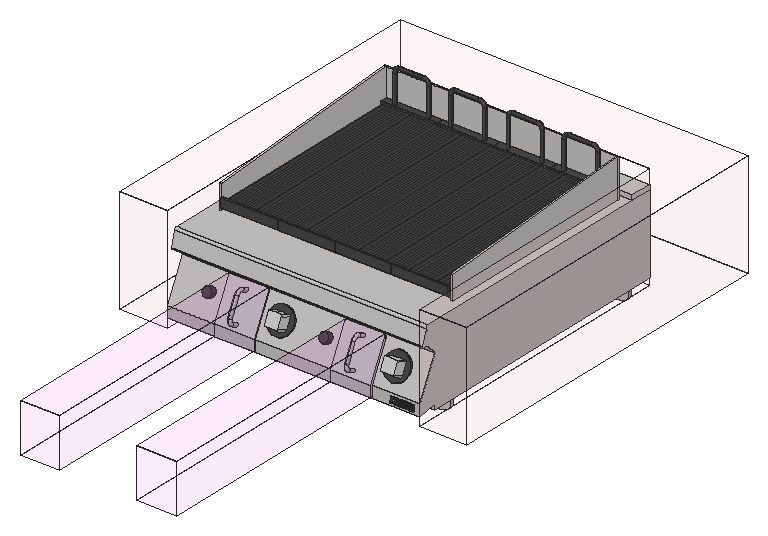
Revit family "QF_ZANUSSI_392187_Z9GRTHGC0P", category Attrezzature speciali, Revit 2020
Family settings
  Quota connettore circolare = Usa diametro
  Tipo di parte = Normale
  Basato su piano di lavoro = No
  Sempre verticale = Sì
  Taglio con vuoti quando caricato = No
  Condiviso = No
  Punto di calcolo locali = No
Parameters (values of type "Standard")
  Weight = 96.00 kg
  Watts = 0 W
  Volts = 0 V
  URL Manufacturer = "http://www.zanussiprofessional.com"
  URL = "http://www.zanussiprofessional.com"
  Steam Supply Size = 0 mm
  Steam Supply Minimum Pressure = 0.0 Pa
  Steam Supply Maximum Pressure = 0.0 Pa
  Steam Consumption per Hour = 0
  Show Logo [instance] = yes
  Show Clearance [instance] = yes
  Refrigeration Suction Line Size = 0 mm
  Refrigeration Liquid Line Size = 0 mm
  Refrigerant Compressor Remote = yes
  Prospetto di default = 0 mm
  Produttore = "Zanussi"
  Phase = 0
  Modello = "Z9GRTHGC0P"
  Length Actual = 800 mm  # constant formula
  Item Number = "392187"
  Hot Water Size = 0 mm
  Height Actual = 250 mm  # constant formula
  HP = "0 HP"
  Gas Size = 12.7 mm
  Gas KW = 20
  Gas Input Pressure = 0.092903 W
  Direct Waste Size = 0 mm
  Descrizione = "GAS GRILL TOP HP 800 MM TOWN GAS"
  Depth Actual = 900 mm  # constant formula
  Cycle = 0 Hz
  Condensate Return Size = 0 mm
  Compressed Air Volume = 0.0 L/s
  Compressed Air Size = 0 mm
  Compressed Air Pressure = 0.0 Pa
  Cold Water Size = 0 mm
  Accessory = yes
Reference planes
  plane 1 "Back": y = 0
  plane 2: z = 0
  plane 3 "Left": x = 0
  plane 4: x = 800
  plane 5: z = 275
  plane 6: x = 952
  plane 7: x = -152
  plane 8: y = 203
  plane 9: x = 400
  plane 10: y = -915
  plane 11: y = -82
  plane 12: y = -790
Forms (mm)
  Extrusion 1, solid, material "QF_Finishes_Clearance", visible <- "Show Clearance"
    sketch origin (0, 0, 0) x (1, 0, 0) y (0, 1, 0)
      loop
        line (-152, -915) -> (0, -915) -> (0, 0) -> (800, 0) -> (800, -915) -> (952, -915) -> (952, 203) -> (-152, 203) -> (-152, -915)
    from 0 to 335
  Extrusion 2, solid, material "QF_Finishes_Stainless Steel"
    sketch origin (0, 0, 1) x (0, 1, 0) y (0, 0, 1)
      loop
        line (0, 23) -> (0, 274) -> (-879.358, 274)
        arc (-879.358, 274) -> (-884.643, 271.811) -> (-886.833, 266.526) r 7.474
        line (-886.833, 266.526) -> (-899.884, 221.011)
        arc (-899.884, 221.011) -> (-899.396, 218.379) -> (-897, 217.184) r 3
        line (-897, 217.184) -> (-886.802, 217.184) -> (-854.982, 185.364) -> (-915, 64.508) -> (-915, 29.508) -> (-858.645, 37.428)
        arc (-858.645, 37.428) -> (-856.101, 36.674) -> (-855, 34.259) r 3.2
        line (-855, 34.259) -> (-855, 23) -> (0, 23)
    from 0 to 800
  Extrusion 3, solid, material "QF_Finishes_Stainless Steel"
    sketch origin (35.025, -89.885, 397) x (0, -1, 0) y (0, 0, -1)
      loop
        line (1, -0.1) -> (656.049, 47.036) -> (656.049, 122) -> (1, 122) -> (1, -0.1)
    from 0 to -6.35
  Extrusion 4, solid, material "QF_Finishes_Stainless Steel"
    sketch origin (765.075, -89.885, 397) x (0, -1, 0) y (0, 0, 1)
      loop
        line (1, 0.1) -> (1, -122) -> (656.049, -122) -> (656.049, -47.036) -> (1, 0.1)
    from 0 to -6.35
  Extrusion 5, solid, material "QF_Finishes_Stainless Steel"
    sketch origin (35.025, -90.885, 275) x (0, 0, 1) y (1, 0, 0)
      loop
        line (0, -6.35) -> (122.1, -6.35) -> (122.1, 736.4) -> (0, 736.4) -> (0, -6.35)
    from 0 to 3.2
  Extrusion 6, solid, material "QF_Finishes_Stainless Steel"
    sketch origin (-452, 0, 275) x (0, -1, 0) y (1, 0, 0)
      loop
        line (0, 1252) -> (0, 452) -> (69.85, 452) -> (69.85, 1252) -> (0, 1252)
    from 0 to 14.3
  Extrusion 7, solid, material "QF_Finishes_Door Clearance", visible <- "Show Clearance"
    sketch origin (0, -316.257, 0) x (1, 0, 0) y (0, 0, 1)
      loop
        line (150.793, 187.751) -> (150.793, 31.416) -> (277.793, 31.416) -> (277.793, 187.751) -> (150.793, 187.751)
    from 543.743 to 1373.743
  Extrusion 8, solid, material "QF_Finishes_Door Clearance", visible <- "Show Clearance"
    sketch origin (799.575, -205, 0) x (-1, 0, 0) y (0, 0, -1)
      loop
        line (150.793, -187.751) -> (277.793, -187.751) -> (277.793, -31.416) -> (150.793, -31.416) -> (150.793, -187.751)
    from 655 to 1485
  Extrusion 9, solid, material "QF_Finishes_Stainless Steel"
    sketch origin (-404.042, 7.722, 542) x (-1, 0, 0) y (0, 0, -1)
      loop
        circle (-1152.042, 464) r 6.35
    from -1.278 to 7.722
  Extrusion 10, solid, material "QF_Finishes_Stainless Steel"
    sketch origin (-404.042, -199, 16.278) x (-1, 0, 0) y (0, -1, 0)
      loop
        circle (-1152.042, 464) r 6.35
    from -1.278 to 7.722
Dimensions and locks
  plane 3 "Left" to plane 4 = 800 mm
  plane 5 to level = 275 mm
  plane 1 "Back" to plane 8 = 203 mm
  plane 4 to plane 6 = 152 mm
  plane 7 to plane 3 "Left" = 152 mm
  equal spacing: plane 3 "Left", plane 9, plane 4
  Extrusion 1 to Extrusion 2 sketch curve = 915 mm
  plane 1 "Back" to Extrusion 7 = 1690 mm
  plane 1 "Back" to plane 10 = 915 mm
  plane 1 "Back" to plane 11 to plane 12 to plane 10 = 82 mm, 708 mm, 125 mm
  aligned and locked: level to plane 2
Automatic sketch dimensions
  Extrusion 1 sketch curve to plane 7 = 0 mm
  Extrusion 1 sketch curve to plane 3 "Left" = 0 mm
  plane 1 "Back" to Extrusion 1 sketch curve = 0 mm
  Extrusion 1 sketch curve to plane 4 = 0 mm
  Extrusion 1 sketch curve to plane 6 = 0 mm
  Extrusion 1 sketch curve to plane 8 = 0 mm
  plane 5 to Extrusion 3 sketch curve = 0 mm
  Extrusion 3 sketch curve to plane 5 = 74.964 mm
  Extrusion 3 sketch curve to plane 5 = 122.1 mm
  plane 5 to Extrusion 4 sketch curve = 0 mm
  Extrusion 4 sketch curve to plane 5 = 74.964 mm
  Extrusion 4 sketch curve to plane 5 = 122.1 mm
  Extrusion 5 sketch curve to Extrusion 3 = 0 mm  (x3)
  Extrusion 5 sketch curve to Extrusion 3 = 736.4 mm
  plane 1 "Back" to Extrusion 6 sketch curve = 0 mm
  Extrusion 6 sketch curve to plane 3 "Left" = 0 mm
  Extrusion 6 sketch curve to plane 4 = 0 mm
  plane 1 "Back" to Extrusion 6 sketch curve = 69.85 mm
  level to Extrusion 7 sketch curve = 31.416 mm
  plane 5 to Extrusion 7 sketch curve = 87.249 mm
  Extrusion 8 sketch curve to level = 31.416 mm
  Extrusion 8 sketch curve to plane 4 = 151.218 mm
  Extrusion 8 sketch curve to Extrusion 8 sketch curve = 127 mm
  Extrusion 8 sketch curve to plane 5 = 87.249 mm
  plane 4 to Extrusion 9 sketch curve = 52 mm
  level to Extrusion 9 sketch curve = 78 mm
  plane 3 "Left" to Extrusion 7 sketch curve = 150.793 mm
  Extrusion 7 sketch curve to Extrusion 7 sketch curve = 127 mm
  plane 1 "Back" to Extrusion 1 sketch curve = 915 mm  (x2)
  plane 1 "Back" to Extrusion 3 sketch curve = 90.885 mm
  Extrusion 3 sketch curve to Extrusion 3 sketch curve = 655.049 mm
  plane 1 "Back" to Extrusion 4 sketch curve = 90.885 mm
  Extrusion 4 sketch curve to Extrusion 4 sketch curve = 655.049 mm
  plane 5 to Extrusion 2 sketch curve = 0 mm
  Extrusion 2 sketch curve to plane 1 "Back" = 0 mm
  plane 5 to Extrusion 2 sketch curve = 88.636 mm
  level to Extrusion 2 sketch curve = 24 mm
  Extrusion 2 sketch curve to Extrusion 2 sketch curve = 0.018 mm
  Extrusion 2 sketch curve to Extrusion 2 sketch curve = 3.2 mm
  level to Extrusion 2 sketch curve = 38.428 mm
  Extrusion 2 sketch curve to Extrusion 2 sketch curve = 0.445 mm
  Extrusion 2 sketch curve to Extrusion 2 sketch curve = 24.376 mm
  plane 5 to Extrusion 2 sketch curve = 56.816 mm
  Extrusion 2 sketch curve to Extrusion 2 sketch curve = 31.82 mm
  plane 5 to Extrusion 2 sketch curve = 7.474 mm
  Extrusion 2 sketch curve to Extrusion 2 sketch curve = 10.198 mm
  plane 5 to Extrusion 2 sketch curve = 52.989 mm
  Extrusion 2 sketch curve to Extrusion 2 sketch curve = 2.884 mm
  Extrusion 2 sketch curve to Extrusion 2 sketch curve = 56.355 mm
  level to Extrusion 2 sketch curve = 30.508 mm
  Extrusion 2 sketch curve to Extrusion 2 sketch curve = 35 mm
  plane 4 to Extrusion 10 sketch curve = 52 mm
  plane 10 to Extrusion 10 sketch curve = 252 mm
  radius of Extrusion 9 sketch curve = 6.35 mm
  radius of Extrusion 10 sketch curve = 6.35 mm
Nested families
  nested 1: "ZANUSSI_Logo" at (749.92, -915, 96.75) x (1, 0, 0) z (0, -1, 0), Show Logo <- "Show Logo", visible <- "Show Logo", type "ZANUSSI_Logo"
    with Show Logo yes
  nested 2: "CESTELLO_SCOLO_GRIGLIA_ZANUSSI" at (214.293, -885.009, 125.9) x (1, 0, 0) z (0, -0.8956, 0.4448), type "CESTELLO_SCOLO_GRIGLIA_ZANUSSI"
  nested 3: "CESTELLO_SCOLO_GRIGLIA_ZANUSSI" at (585.093, -885.009, 125.9) x (1, 0, 0) z (0, -0.8956, 0.4448), type "CESTELLO_SCOLO_GRIGLIA_ZANUSSI"
  nested 4: "CONTROLLER_XP-ZAN" at (387.693, -884.479, 126.966) x (1, 0, 0) z (0, -0.8956, 0.4448), type "CONTROLLER_XP-ZAN"
  nested 5: "CONTROLLER_XP-ZAN" at (655.493, -884.479, 126.966) x (-1, 0, 0) z (0, -0.8956, 0.4448), type "CONTROLLER_XP-ZAN"
  nested 6: "Bottone NERO" at (481.175, -884.479, 126.966) x (1, 0, 0) z (0, -0.8956, 0.4448), type "Bottone NERO"
  nested 7: "Bottone NERO" at (111.912, -884.479, 126.966) x (-1, 0, 0) z (0, -0.8956, 0.4448), type "Bottone NERO"
  nested 8: "GRIGLIA_ZANUSSI_MONO_660Depth" at (130.056, -363.09, 275), type "GRIGLIA_ZANUSSI_MONO_660Depth"
  nested 9: "GRIGLIA_ZANUSSI_MONO_660Depth" at (310.119, -363.09, 275) x (-1, 0, 0) z (0, 0, 1), type "GRIGLIA_ZANUSSI_MONO_660Depth"
  nested 10: "GRIGLIA_ZANUSSI_MONO_660Depth" at (490.181, -363.09, 275), type "GRIGLIA_ZANUSSI_MONO_660Depth"
  nested 11: "GRIGLIA_ZANUSSI_MONO_660Depth" at (670.244, -363.09, 275) x (-1, 0, 0) z (0, 0, 1), type "GRIGLIA_ZANUSSI_MONO_660Depth"
  nested 12: "Piedino 24x19 mm" at (781, -82, 0), type "Piedino 24x19 mm"
  nested 13: "Piedino 24x19 mm" at (781, -790, 0), type "Piedino 24x19 mm"
  nested 14: "Piedino 24x19 mm" at (19, -82, 0) x (-1, 0, 0) z (0, 0, 1), type "Piedino 24x19 mm"
  nested 15: "Piedino 24x19 mm" at (19, -790, 0) x (-1, 0, 0) z (0, 0, 1), type "Piedino 24x19 mm"
Connectors
  piping at (748, 9, 78), diameter 12.7, driven by "Gas Size"
    settings: on Extrusion 9, index 13, connector inside diameter 12.8 mm, connector length 0 mm, flow factor 0, pipe flow 0.0 L/s, pressure drop 0.0 Pa, fitting loss kfactor 0, connector angle 0.00°, fixture units 0, engagement length 0 mm, angle of deflection 0.00°, flow configuration 1, flow direction 1, fitting loss method 0, system type 29, joint type 0, gender type 0, connector reference index -1, connector utility 0, adjustable connector no, is connector primary yes, connector description "Gas Connection"
  piping at (748, -663, 15), diameter 12.7, driven by "Gas Size"
    settings: on Extrusion 10, index 14, connector inside diameter 12.8 mm, connector length 0 mm, flow factor 0, pipe flow 0.0 L/s, pressure drop 0.0 Pa, fitting loss kfactor 0, connector angle 0.00°, fixture units 0, engagement length 0 mm, angle of deflection 0.00°, flow configuration 1, flow direction 1, fitting loss method 0, system type 29, joint type 0, gender type 0, connector reference index -1, connector utility 0, adjustable connector no, is connector primary no, connector description "Gas Connection"
Definition of nested family "ZANUSSI_Logo"
  Parameters (values of type "ZANUSSI_Logo")
    Show Logo [instance] = yes
    Default Elevation = 1219.2 mm
  Reference planes
    plane 1 "Center (Front/Back)": y = -49
    plane 2: z = 0
    plane 3 "Center (Left/Right)": x = -9.92
  Forms (mm)
    Extrusion 1, solid
      sketch origin (0, 0, 0) x (1, 0, 0) y (0, 1, 0)
        loop
          line (-1219.2, 1219.2) -> (-1219.2, -1219.2) -> (1219.2, -1219.2) -> (1219.2, 1219.2) -> (-1219.2, 1219.2)
      from 0 to -304.8
    Extrusion 2, solid, visible <- "Show Logo"
      sketch origin (106.353, -215.165, -50) x (1, 0, 0) y (0, 1, 0)
        loop
          line (-137.419, 156.48) -> (-137.419, 160.444) -> (-143.365, 160.444) -> (-137.419, 172.566) -> (-137.419, 175.851) -> (-147.274, 175.851) -> (-147.274, 172.226) -> (-142.063, 172.339) -> (-147.728, 160.444) -> (-147.728, 156.48) -> (-137.419, 156.48)
        loop
          line (-131.729, 163.73) -> (-129.463, 163.73) -> (-130.596, 172.54) -> (-131.729, 163.73)
        loop
          line (-132.748, 156.48) -> (-132.182, 160.218) -> (-128.897, 160.218) -> (-128.33, 156.48) -> (-124.252, 156.48) -> (-127.877, 175.851) -> (-133.315, 175.851) -> (-136.826, 156.48) -> (-132.748, 156.48)
        loop
          line (-123.75, 175.851) -> (-123.75, 156.48) -> (-120.238, 156.48) -> (-120.238, 169.281) -> (-116.953, 156.48) -> (-112.648, 156.48) -> (-112.648, 175.851) -> (-116.273, 175.851) -> (-116.273, 163.503) -> (-119.558, 175.851) -> (-123.75, 175.851)
        loop
          arc (-111.742, 161.27) -> (-106.896, 156.448) -> (-101.433, 160.558) r 5.22
          line (-101.433, 160.558) -> (-101.433, 175.851) -> (-105.398, 175.851) -> (-105.398, 161.464)
          arc (-105.398, 161.464) -> (-106.44, 160.263) -> (-107.777, 161.124) r 1.214
          line (-107.777, 161.124) -> (-107.777, 175.851) -> (-111.742, 175.851) -> (-111.742, 161.27)
        loop
          line (-94.069, 169.734) -> (-90.331, 169.734) -> (-90.269, 171.495)
          arc (-90.269, 171.495) -> (-90.53, 173.458) -> (-91.761, 175.009) r 3.719
          arc (-91.761, 175.009) -> (-95.38, 176.189) -> (-98.998, 175.009) r 6.139
          arc (-98.998, 175.009) -> (-100.474, 172.145) -> (-100.291, 168.927) r 6.125
          arc (-100.291, 168.927) -> (-99.079, 167.149) -> (-97.591, 165.594) r 13.068
          line (-97.591, 165.594) -> (-95.921, 164.113)
          arc (-95.921, 164.113) -> (-94.934, 163.275) -> (-94.167, 162.233) r 5.571
          arc (-94.167, 162.233) -> (-94.357, 160.41) -> (-96.143, 160.003) r 1.573
          arc (-96.143, 160.003) -> (-96.681, 160.547) -> (-96.911, 161.277) r 1.631
          arc (-96.911, 161.277) -> (-96.929, 161.791) -> (-96.911, 162.305) r 7.441
          arc (-96.911, 162.305) -> (-96.895, 162.791) -> (-96.911, 163.277) r 7.03
          line (-96.911, 163.277) -> (-100.866, 163.277)
          arc (-100.866, 163.277) -> (-100.828, 160.504) -> (-99.735, 157.955) r 7.131
          arc (-99.735, 157.955) -> (-94.571, 156.484) -> (-90.221, 159.633) r 6.148
          arc (-90.221, 159.633) -> (-90.141, 162.884) -> (-91.536, 165.823) r 7.021
          line (-91.536, 165.823) -> (-95.882, 169.734)
          arc (-95.882, 169.734) -> (-96.47, 170.472) -> (-96.785, 171.362) r 2.858
          arc (-96.785, 171.362) -> (-95.666, 172.959) -> (-94.069, 171.84) r 1.379
          line (-94.069, 171.84) -> (-94.069, 169.734)
        loop
          line (-82.771, 169.734) -> (-79.033, 169.734) -> (-78.971, 171.495)
          arc (-78.971, 171.495) -> (-79.232, 173.458) -> (-80.463, 175.009) r 3.719
          arc (-80.463, 175.009) -> (-84.081, 176.189) -> (-87.7, 175.009) r 6.139
          arc (-87.7, 175.009) -> (-89.175, 172.145) -> (-88.993, 168.927) r 6.125
          arc (-88.993, 168.927) -> (-87.781, 167.149) -> (-86.293, 165.594) r 13.068
          line (-86.293, 165.594) -> (-84.623, 164.113)
          arc (-84.623, 164.113) -> (-83.636, 163.275) -> (-82.869, 162.233) r 5.571
          arc (-82.869, 162.233) -> (-83.059, 160.41) -> (-84.845, 160.003) r 1.573
          arc (-84.845, 160.003) -> (-85.383, 160.547) -> (-85.613, 161.277) r 1.631
          arc (-85.613, 161.277) -> (-85.631, 161.791) -> (-85.613, 162.305) r 7.441
          arc (-85.613, 162.305) -> (-85.596, 162.791) -> (-85.613, 163.277) r 7.03
          line (-85.613, 163.277) -> (-89.568, 163.277)
          arc (-89.568, 163.277) -> (-89.53, 160.504) -> (-88.437, 157.955) r 7.131
          arc (-88.437, 157.955) -> (-83.272, 156.484) -> (-78.922, 159.633) r 6.148
          arc (-78.922, 159.633) -> (-78.843, 162.884) -> (-80.238, 165.823) r 7.021
          line (-80.238, 165.823) -> (-84.584, 169.734)
          arc (-84.584, 169.734) -> (-85.171, 170.472) -> (-85.486, 171.362) r 2.858
          arc (-85.486, 171.362) -> (-84.368, 172.959) -> (-82.771, 171.84) r 1.379
          line (-82.771, 171.84) -> (-82.771, 169.734)
        loop
          line (-78.21, 175.851) -> (-78.21, 156.48) -> (-74.245, 156.48) -> (-74.245, 175.851) -> (-78.21, 175.851)
      from 50 to 51.6
  Dimensions and locks
    aligned and locked: plane 2 to Extrusion 1
    aligned and locked: level to Extrusion 1
Definition of nested family "CESTELLO_SCOLO_GRIGLIA_ZANUSSI"
  Parameters (values of type "CESTELLO_SCOLO_GRIGLIA_ZANUSSI")
    Default Elevation = 1219.2 mm
  Reference planes
    plane 1 "Centro (Fronte/Retro)": y = 0
    plane 2: z = 0
    plane 3 "Centro (Sinistra/Destra)": x = 0
  Forms (mm)
    Extrusion 1, solid
      sketch origin (0, 0, 0) x (1, 0, 0) y (0, 1, 0)
        loop
          line (-1219.2, 1219.2) -> (-1219.2, -1219.2) -> (1219.2, -1219.2) -> (1219.2, 1219.2) -> (-1219.2, 1219.2)
      from 0 to -304.8
    Extrusion 2, solid
      sketch origin (-63.5, 192.203, -669.358) x (0, 0.444781, -0.895639) y (0, 0.895639, 0.444781)
        loop
          line (-715, 65.146) -> (-654.982, 186.002) -> (-657.848, 187.425) -> (-718.2, 65.896) -> (-718.2, 31.09) -> (-715, 31.09) -> (-715, 65.146)
      from 0 to 127
    Sweep 3, solid
      path origin (0, -276.871, -339.577) x (0, 0, 1) y (0, 1, 0)
        loop
          line (342.777, 319.476) -> (364.027, 319.476)
          arc (364.027, 319.476) -> (374.803, 315.013) -> (379.267, 304.236) r 15.24
          line (379.267, 304.236) -> (379.267, 243.044)
          arc (379.267, 243.044) -> (374.803, 232.267) -> (364.027, 227.804) r 15.24
          line (364.027, 227.804) -> (342.777, 227.804)
      profile origin (0, 42.606, 13.825) x (0, 1, 0) y (-1, 0, 0)
        loop
          circle (0, 0) r 4.572
  Cuts and joins
    joined: Extrusion 2, Sweep 3
  Dimensions and locks
    aligned and locked: plane 2 to Extrusion 1
    aligned and locked: level to Extrusion 1
Definition of nested family "CONTROLLER_XP-ZAN"
  Parameters (values of type "CONTROLLER_XP-ZAN")
    Default Elevation = 0 mm
  Reference planes
    plane 1 "Centro (Fronte/Retro)": y = 0
    plane 2: z = 0
    plane 3 "Centro (Sinistra/Destra)": x = 0
    plane 4: x = -51.067
    plane 5: x = 51.067
    plane 6: x = 93.481
    plane 7: x = -93.481
  Forms (mm)
    Extrusion 1, solid
      sketch origin (0, 0, 0) x (1, 0, 0) y (0, 1, 0)
        loop
          line (-1219.2, 1219.2) -> (-1219.2, -1219.2) -> (1219.2, -1219.2) -> (1219.2, 1219.2) -> (-1219.2, 1219.2)
      from 0 to -304.8
    Extrusion 2, solid
      sketch origin (-46.381, -48.923, 0) x (1, 0, 0) y (0, 1, 0)
        loop
          circle (-4.687, 48.923) r 42.414
      from 0 to 3.175
    Blend 3, solid
      base sketch origin (-46.381, -48.923, 3.175) x (1, 0, 0) y (0, 1, 0)
        loop
          line (-23.687, 25.923) -> (14.313, 25.923)
          arc (14.313, 25.923) -> (17.142, 27.095) -> (18.313, 29.923) r 4
          line (18.313, 29.923) -> (18.313, 66.519)
          arc (18.313, 66.519) -> (17.342, 69.132) -> (14.901, 70.476) r 4
          arc (14.901, 70.476) -> (-4.687, 71.923) -> (-24.275, 70.476) r 133.25
          arc (-24.275, 70.476) -> (-26.716, 69.132) -> (-27.687, 66.519) r 4
          line (-27.687, 66.519) -> (-27.687, 29.923)
          arc (-27.687, 29.923) -> (-26.515, 27.095) -> (-23.687, 25.923) r 4
      top sketch origin (-46.381, -48.923, 3.175) x (1, 0, 0) y (0, 1, 0)
        loop
          line (-25.687, 66.519) -> (-25.687, 29.923)
          arc (-25.687, 29.923) -> (-25.101, 28.509) -> (-23.687, 27.923) r 2
          line (-23.687, 27.923) -> (14.313, 27.923)
          arc (14.313, 27.923) -> (15.727, 28.509) -> (16.313, 29.923) r 2
          line (16.313, 29.923) -> (16.313, 66.519)
          arc (16.313, 66.519) -> (15.828, 67.825) -> (14.607, 68.498) r 2
          arc (14.607, 68.498) -> (-4.687, 69.923) -> (-23.981, 68.498) r 131.25
          arc (-23.981, 68.498) -> (-25.201, 67.825) -> (-25.687, 66.519) r 2
      from 0 to 33
  Lines and regions (mm)
    Split face 1
      outline origin (-46.381, -48.923, 36.175) x (1, 0, 0) y (0, 1, 0)
        loop
          line (-6.687, 69.908) -> (-6.687, 62.923) -> (-2.687, 62.923) -> (-2.687, 69.908)
  Dimensions and locks
    aligned and locked: plane 2 to Extrusion 1
    aligned and locked: level to Extrusion 1
Definition of nested family "Bottone NERO"
  Parameters (values of type "Bottone NERO")
    Default Elevation = 1219.2 mm
  Reference planes
    plane 1 "Centro (Fronte/Retro)": y = 0
    plane 2: z = 0
    plane 3 "Centro (Sinistra/Destra)": x = 0
  Forms (mm)
    Extrusion 1, solid
      sketch origin (0, 0, 0) x (1, 0, 0) y (0, 1, 0)
        loop
          line (-1219.2, 1219.2) -> (-1219.2, -1219.2) -> (1219.2, -1219.2) -> (1219.2, 1219.2) -> (-1219.2, 1219.2)
      from 0 to -304.8
    Extrusion 2, solid
      sketch origin (0, 0, 0) x (1, 0, 0) y (0, 1, 0)
        loop
          circle (1.032, 2.31) r 15
      from 0 to 15
  Dimensions and locks
    aligned and locked: plane 2 to Extrusion 1
    aligned and locked: level to Extrusion 1
Definition of nested family "GRIGLIA_ZANUSSI_MONO_660Depth"
  Parameters (values of type "GRIGLIA_ZANUSSI_MONO_660Depth")
    Default Elevation = 1219.2 mm
  Reference planes
    plane 1 "Centro (Fronte/Retro)": y = 0
    plane 2: z = 0
    plane 3 "Centro (Sinistra/Destra)": x = 0
  Forms (mm)
    Extrusion 1, solid
      sketch origin (0, 0, 0) x (1, 0, 0) y (0, 1, 0)
        loop
          line (-1219.2, 1219.2) -> (-1219.2, -1219.2) -> (1219.2, -1219.2) -> (1219.2, 1219.2) -> (-1219.2, 1219.2)
      from 0 to -304.8
    Sweep 2, solid
      path origin (266.822, 254.728, -243.735) x (0, 0, 1) y (-1, 0, 0)
        loop
          line (280.865, 319.476) -> (372.777, 319.476)
          arc (372.777, 319.476) -> (383.553, 315.013) -> (388.017, 304.236) r 15.24
          line (388.017, 304.236) -> (388.017, 226.794)
          arc (388.017, 226.794) -> (383.553, 216.017) -> (372.777, 211.554) r 15.24
          line (372.777, 211.554) -> (280.865, 211.554)
      profile origin (-52.654, 254.728, 83.087) x (-1, 0, 0) y (0, -1, 0)
        loop
          circle (0, 0) r 4.572
    Extrusion 3, solid
      sketch origin (-1073.344, 376, 0) x (0, -1, 0) y (1, 0, 0)
        loop
          line (748.856, 1163.375) -> (130.285, 1163.375) -> (130.285, 983.313) -> (748.856, 983.313) -> (748.856, 1163.375)
      from 0 to 12.7
    Extrusion 4, solid
      sketch origin (-1073.344, 376, 0) x (0, -1, 0) y (1, 0, 0)
        loop
          line (130.285, 1163.375) -> (107.795, 1163.375) -> (107.795, 983.313) -> (130.285, 983.313) -> (130.285, 1163.375)
      from 0 to 37.056
    Extrusion 5, solid
      sketch origin (-621.173, -384.795, 11.113) x (-0.153405, 0, 0.988163) y (-0.988163, 0, -0.153405)
        loop
          line (-107.534, -703.03) -> (-80.094, -707.289) -> (-52.464, -529.309) -> (-79.904, -525.049) -> (-107.534, -703.03)
      from -0.51 to 5
  Dimensions and locks
    Extrusion 5 to Extrusion 4 = 658 mm
    aligned and locked: plane 2 to Extrusion 1
    aligned and locked: level to Extrusion 1
  Nested families
    nested 1: "QF_372043_GRILL" at (-86.932, 245.715, 12.7), type "QF_372043_GRILL"
      with Type Mark "", Specification by User "", Revision Code "", Item Number "", Installed By "", Identify Quantity as Lot yes, Furnished By "", Foodservice Equipment Identifier yes
    nested 2: "QF_372043_GRILL" at (74.147, 245.715, 12.7), type "QF_372043_GRILL"
      with Type Mark "", Specification by User "", Revision Code "", Item Number "", Installed By "", Identify Quantity as Lot yes, Furnished By "", Foodservice Equipment Identifier yes
    nested 3: "QF_372043_GRILL" at (-69.034, 245.715, 12.7), type "QF_372043_GRILL"
      with Type Mark "", Specification by User "", Revision Code "", Item Number "", Installed By "", Identify Quantity as Lot yes, Furnished By "", Foodservice Equipment Identifier yes
    nested 4: "QF_372043_GRILL" at (-51.137, 245.715, 12.7), type "QF_372043_GRILL"
      with Type Mark "", Specification by User "", Revision Code "", Item Number "", Installed By "", Identify Quantity as Lot yes, Furnished By "", Foodservice Equipment Identifier yes
    nested 5: "QF_372043_GRILL" at (-33.239, 245.715, 12.7), type "QF_372043_GRILL"
      with Type Mark "", Specification by User "", Revision Code "", Item Number "", Installed By "", Identify Quantity as Lot yes, Furnished By "", Foodservice Equipment Identifier yes
    nested 6: "QF_372043_GRILL" at (-15.341, 245.715, 12.7), type "QF_372043_GRILL"
      with Type Mark "", Specification by User "", Revision Code "", Item Number "", Installed By "", Identify Quantity as Lot yes, Furnished By "", Foodservice Equipment Identifier yes
    nested 7: "QF_372043_GRILL" at (2.556, 245.715, 12.7), type "QF_372043_GRILL"
      with Type Mark "", Specification by User "", Revision Code "", Item Number "", Installed By "", Identify Quantity as Lot yes, Furnished By "", Foodservice Equipment Identifier yes
    nested 8: "QF_372043_GRILL" at (20.454, 245.715, 12.7), type "QF_372043_GRILL"
      with Type Mark "", Specification by User "", Revision Code "", Item Number "", Installed By "", Identify Quantity as Lot yes, Furnished By "", Foodservice Equipment Identifier yes
    nested 9: "QF_372043_GRILL" at (38.352, 245.715, 12.7), type "QF_372043_GRILL"
      with Type Mark "", Specification by User "", Revision Code "", Item Number "", Installed By "", Identify Quantity as Lot yes, Furnished By "", Foodservice Equipment Identifier yes
    nested 10: "QF_372043_GRILL" at (56.249, 245.715, 12.7), type "QF_372043_GRILL"
      with Type Mark "", Specification by User "", Revision Code "", Item Number "", Installed By "", Identify Quantity as Lot yes, Furnished By "", Foodservice Equipment Identifier yes
  Definition of nested family "QF_372043_GRILL"
    Parameters (values of type "QF_372043_GRILL")
      Weight in Pounds = 0
      URL Cutsheet = ""
      URL = ""
      Type Mark [instance] = ""
      Specification by User [instance] = ""
      Specification by Manufacturer = ""
      Serial Number = ""
      Seismic Rating = ""
      SMACNA No = ""
      Revision Code [instance] = ""
      Default Elevation = 0 mm
      Omniclass Number and Title = ""
      NAFEM Spec ID Number = ""
      Model = "372043"
      Masterspec = ""
      Manufacturer = ""
      Item Number [instance] = ""
      Installed By [instance] = ""
      Identify Quantity as Lot [instance] = yes
      Furnished By [instance] = ""
      Foodservice Equipment Identifier [instance] = yes
      Description = ""
      CSI MasterFormat = ""
      CSI Master Format = ""
      Assembly Code = ""
    Reference planes
      plane 1 "BACK": y = 0
      plane 2: z = 0
      plane 3 "LEFT": x = 0
      plane 4 "RIGHT": x = 12.7
      plane 5 "FRONT": y = -630
      plane 6 "TOP": z = 19.576
      plane 7 "Center Y": x = 6.35
      plane 8 "Center X": y = -315
    Forms (mm)
      Extrusion 1, solid
        sketch origin (-1.421, -501.68, -12.7) x (1, 0, 0) y (0, 0, 1)
          loop
            line (1.421, 12.7) -> (14.121, 12.7) -> (11.081, 32.276) -> (4.46, 32.276) -> (1.421, 12.7)
        from 128.32 to -501.68
    Dimensions and locks
      equal spacing: plane 3 "LEFT", plane 7 "Center Y", plane 4 "RIGHT"
      plane 3 "LEFT" to plane 4 "RIGHT" = 12.7 mm
      equal spacing: plane 5 "FRONT", plane 8 "Center X", plane 1 "BACK"
      plane 5 "FRONT" to plane 1 "BACK" = 630 mm
      plane 6 "TOP" to level = 19.576 mm
      plane 1 "BACK" to plane 5 "FRONT" = 630 mm
      aligned and locked: level to plane 2
      aligned and locked: plane 5 "FRONT" to Extrusion 1
    Automatic sketch dimensions
      Extrusion 1 sketch curve to level = 0 mm
      Extrusion 1 sketch curve to plane 3 "LEFT" = 0 mm
      Extrusion 1 sketch curve to plane 6 "TOP" = 0 mm
      Extrusion 1 sketch curve to plane 4 "RIGHT" = 0 mm
      plane 3 "LEFT" to Extrusion 1 sketch curve = 3.039 mm
      Extrusion 1 sketch curve to plane 4 "RIGHT" = 3.039 mm
Definition of nested family "Piedino 24x19 mm"
  Parameters (values of type "Piedino 24x19 mm")
    Default Elevation = 0 mm
    P = 930 mm
    L = 400 mm
    H = 290 mm
  Reference planes
    plane 1: y = 0
    plane 2: z = 0
    plane 3: x = 0
    plane 4: z = 290
    plane 5: z = 24
    plane 6: z = 55
  Forms (mm)
    Extrusion 1, solid
      sketch origin (-373.847, 979.72, 0) x (1, 0, 0) y (0, 1, 0)
        loop
          circle (373.847, -979.72) r 19
      from 0 to 24
  Dimensions and locks
    "H": plane 4 to level
    plane 4 to plane 5 to level = 266 mm, 24 mm
    level to plane 6 = 55 mm
    aligned and locked: level to plane 2
  Automatic sketch dimensions
    plane 3 to Extrusion 1 sketch curve = 0 mm
    plane 1 to Extrusion 1 sketch curve = 0 mm
    radius of Extrusion 1 sketch curve = 19 mm
